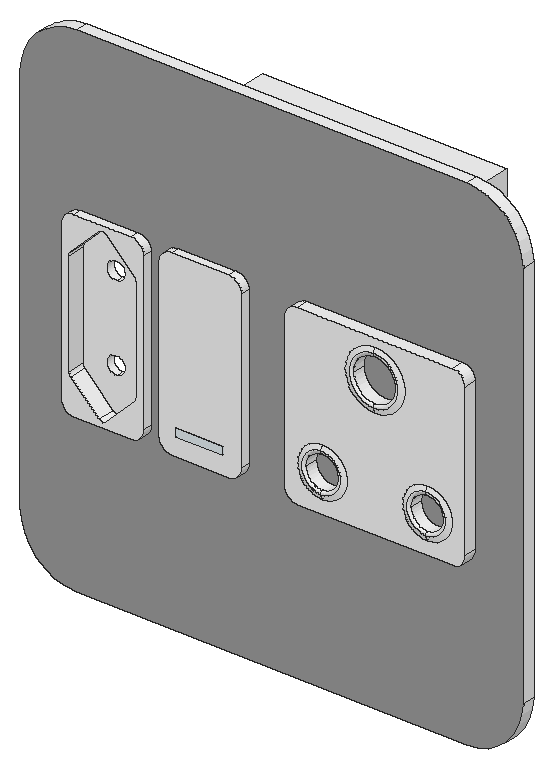
Revit family "EF_Veti-4x4-Plug-Two-Pin-No-Switch-Three-Single-Plug-Point", category Electrical Fixtures, Revit 2016
Family settings
  Maintain Annotation Orientation = No
  Part Type = Normal
  Round Connector Dimension = Use Diameter
  Work Plane-Based = No
  Always vertical = Yes
  Cut with Voids When Loaded = No
  Shared = No
  Room Calculation Point = No
Parameters (values of type "Two Pin No Switch - Three Single Plug Point")
  Voltage_x = 220 V
  URL for TCP = "http://www.tcpbim.co.za"
  URL = "http://www.major-tech.com/15-veti"
  Type Comments = "Plug Points"
  Switch Voltage = Voltage_x  # 220 V
  Plug Point Height [instance] = 1200 mm
  Materials [instance] = 0 mm
  Manufacturer = "VETI"
  Made by = "Tolani Civil Projects cc"
  Load = 2860 VA
  Description = "4x4 Plug - Two Pin No Switch - Three Single Plug Point"
  Amperage = 16 A
Reference planes
  plane 1 "Center (Front/Back)": y = 0
  plane 2: z = 0
  plane 3 "Center (Left/Right)": x = 0
Forms (mm)
  Extrusion 1, solid, material "Plastic White"
    sketch origin (-181.105, 70, 0) x (1, 0, 0) y (0, 0, 1)
      loop
        arc (103.605, 1400) -> (87.695, 1393.41) -> (81.105, 1377.5) r 22.5
        line (81.105, 1377.5) -> (81.105, 1222.5)
        arc (81.105, 1222.5) -> (87.695, 1206.59) -> (103.605, 1200) r 22.5
        line (103.605, 1200) -> (258.605, 1200)
        arc (258.605, 1200) -> (274.515, 1206.59) -> (281.105, 1222.5) r 22.5
        line (281.105, 1222.5) -> (281.105, 1377.5)
        arc (281.105, 1377.5) -> (274.515, 1393.41) -> (258.605, 1400) r 22.5
        line (258.605, 1400) -> (103.605, 1400)
      loop
        line (128.068, 1336.508) -> (105.292, 1336.508)
        arc (105.292, 1336.508) -> (101.757, 1335.043) -> (100.292, 1331.508) r 5
        line (100.292, 1331.508) -> (100.292, 1269.532)
        arc (100.292, 1269.532) -> (101.757, 1265.997) -> (105.292, 1264.532) r 5
        line (105.292, 1264.532) -> (128.068, 1264.532)
        arc (128.068, 1264.532) -> (131.604, 1265.997) -> (133.068, 1269.532) r 5
        line (133.068, 1269.532) -> (133.068, 1331.508)
        arc (133.068, 1331.508) -> (131.604, 1335.043) -> (128.068, 1336.508) r 5
    from 70 to 75
  Extrusion 2, solid, material "Plastic White"
    sketch origin (-166.105, 0, 0) x (-1, 0, 0) y (0, 0, 1)
      loop
        line (-214.439, 1370) -> (-214.439, 1360) -> (-117.772, 1360) -> (-117.772, 1370) -> (-214.439, 1370)
    from 0 to 51.204
Cuts and joins
  joined: Extrusion 1, Extrusion 2
Dimensions and locks
  Extrusion 1 sketch curve to Extrusion 1 sketch curve = 200 mm
  Extrusion 2 sketch curve to Extrusion 2 sketch curve to Extrusion 1 = 10 mm, 30 mm
  Extrusion 2 sketch curve to Extrusion 2 sketch curve = 96.667 mm
  cut or joined group of Extrusion 1, Extrusion 2 to cut or joined group of Extrusion 1, Extrusion 2 = 200 mm
  cut or joined group of Extrusion 1, Extrusion 2 to cut or joined group of Extrusion 1, Extrusion 2 to cut or joined group of Extrusion 1, Extrusion 2 to cut or joined group of Extrusion 1, Extrusion 2 = 30 mm locked, 10 mm locked, 160 mm locked
  cut or joined group of Extrusion 1, Extrusion 2 to cut or joined group of Extrusion 1, Extrusion 2 to cut or joined group of Extrusion 1, Extrusion 2 = 51.204 mm locked, 5 mm locked
  cut or joined group of Extrusion 1, Extrusion 2 to cut or joined group of Extrusion 1, Extrusion 2 = 96.667 mm
  locked: cut or joined group of Extrusion 1, Extrusion 2 to plane 1 "Center (Front/Back)"
  plane 3 "Center (Left/Right)" to Extrusion 1 sketch curve = 100 mm
  locked: plane 3 "Center (Left/Right)" to cut or joined group of Extrusion 1, Extrusion 2 at 48.333
  cut or joined group of Extrusion 1, Extrusion 2 to nested 2 to nested 3 to nested 4 to nested 3 to cut or joined group of Extrusion 1, Extrusion 2 = 63.492 mm locked, 0.876 mm locked, 64.1 mm locked, 6.031 mm locked, 65.502 mm locked
  nested 2 to nested 4 to plane 3 "Center (Left/Right)" to nested 3 = 38.893 mm locked, 41.92 mm locked, 9.155 mm locked
  "Plug Point Height": cut or joined group of Extrusion 1, Extrusion 2 to level
  aligned and locked: level to plane 2
  aligned and locked: nested 1 to plane 1 "Center (Front/Back)"
  aligned and locked: nested 4 to cut or joined group of Extrusion 1, Extrusion 2
  aligned and locked: cut or joined group of Extrusion 1, Extrusion 2 to nested 3
  aligned and locked: nested 4 to nested 2
Automatic sketch dimensions
  Extrusion 1 sketch curve to plane 3 "Center (Left/Right)" = 77.5 mm
  plane 3 "Center (Left/Right)" to Extrusion 1 sketch curve = 77.5 mm  (x2)
  level to Extrusion 1 sketch curve = 1200 mm
  Extrusion 1 sketch curve to Extrusion 1 sketch curve = 22.5 mm  (x2)
  Extrusion 2 sketch curve to Extrusion 1 = 51.667 mm  (x2)
  Extrusion 1 sketch curve to plane 3 "Center (Left/Right)" = 75.813 mm
  level to Extrusion 1 sketch curve = 1336.508 mm
  Extrusion 1 sketch curve to Extrusion 1 sketch curve = 5 mm  (x4)
  Extrusion 1 sketch curve to Extrusion 1 sketch curve = 22.776 mm
  Extrusion 1 sketch curve to Extrusion 1 sketch curve = 47.032 mm
Nested families
  nested 1: "Power Point Test 1" at (0, 0, 0) x (-1, 0, 0) z (0, 0, 1), type "Receptacle Symbol"
  nested 2: "2 Pin PLUG 90°" at (-64.425, 1.486, 164.47), type "2 Pin PLUG 90°"
  nested 3: "Plug Plate" at (45.021, -5, 220.173), type "Plug Plate"
  nested 4: "Switch 90°1" at (-25.532, -5, 164.47) x (-1, 0, 0) z (0, 0, 1), type "Switch 90°"
Connectors
  electrical at (0, 25.602, 1370), driven by "Voltage_x", driven by "Load"
    settings: on cut or joined group of Extrusion 1, Extrusion 2, index 5, voltage 220 V, apparent load 0 VA, apparent load phase1 2860 VA, apparent load phase2 0 VA, apparent load phase3 0 VA, power factor 1, load classification "Other", number of poles 1, system type 31, power factor state 1, is connector primary yes, connector utility no, sub classification motor no, connector description ""
  electrical at (0, 25.602, 1370), driven by "Voltage_x", driven by "Load"
    settings: on cut or joined group of Extrusion 1, Extrusion 2, index 6, voltage 220 V, apparent load 0 VA, apparent load phase1 2860 VA, apparent load phase2 0 VA, apparent load phase3 0 VA, power factor 1, load classification "Other", number of poles 1, system type 31, power factor state 1, is connector primary no, connector utility no, sub classification motor no, connector description ""
Definition of nested family "2 Pin PLUG 90°"
  Reference planes
    plane 1 "Center (Front/Back)": y = 0
    plane 2: z = 0
    plane 3 "Center (Left/Right)": x = 0
  Forms (mm)
    Extrusion 1, solid
      sketch origin (-1136.248, 2.672, 1137.804) x (0, 0, -1) y (1, 0, 0)
        loop
          arc (-29.234, 1152.636) -> (-32.77, 1151.171) -> (-34.234, 1147.636) r 5
          line (-34.234, 1147.636) -> (-34.234, 1124.86)
          arc (-34.234, 1124.86) -> (-32.77, 1121.324) -> (-29.234, 1119.86) r 5
          line (-29.234, 1119.86) -> (32.741, 1119.86)
          arc (32.741, 1119.86) -> (36.277, 1121.324) -> (37.741, 1124.86) r 5
          line (37.741, 1124.86) -> (37.741, 1147.636)
          arc (37.741, 1147.636) -> (36.277, 1151.171) -> (32.741, 1152.636) r 5
          line (32.741, 1152.636) -> (-29.234, 1152.636)
      from 12.672 to 2.672
    Extrusion 2, void
      sketch origin (-1136.248, -10, 1137.804) x (0, 0, 1) y (1, 0, 0)
        loop
          line (18.92, 1149.635) -> (-22.428, 1149.635)
          arc (-22.428, 1149.635) -> (-23.283, 1149.465) -> (-24.008, 1148.981) r 2.235
          line (-24.008, 1148.981) -> (-35.163, 1137.826)
          arc (-35.163, 1137.826) -> (-35.817, 1136.248) -> (-35.163, 1134.669) r 2.232
          line (-35.163, 1134.669) -> (-23.998, 1123.504)
          arc (-23.998, 1123.504) -> (-23.284, 1123.027) -> (-22.442, 1122.86) r 2.2
          line (-22.442, 1122.86) -> (18.935, 1122.86)
          arc (18.935, 1122.86) -> (19.777, 1123.027) -> (20.491, 1123.504) r 2.2
          line (20.491, 1123.504) -> (31.656, 1134.669)
          arc (31.656, 1134.669) -> (32.309, 1136.248) -> (31.656, 1137.826) r 2.232
          line (31.656, 1137.826) -> (20.501, 1148.981)
          arc (20.501, 1148.981) -> (19.776, 1149.465) -> (18.92, 1149.635) r 2.235
      from 0 to 6.946
    Extrusion 3, void
      sketch origin (-1136.248, -10, 1137.804) x (0, 0, 1) y (1, 0, 0)
        loop
          circle (15.086, 1136.248) r 3.601
        loop
          circle (-18.593, 1136.248) r 3.601
      from 6.946 to 10
  Cuts and joins
    Extrusion 2, Extrusion 3 cuts Extrusion 1
  Dimensions and locks
    aligned and locked: plane 2 to level
    aligned and locked: Extrusion 1 to plane 1 "Center (Front/Back)"
    aligned and locked: Extrusion 3 to Extrusion 2
    aligned and locked: Extrusion 3 to plane 1 "Center (Front/Back)"
Definition of nested family "Plug Plate"
  Reference planes
    plane 1 "Center (Front/Back)": y = 0
    plane 2: z = 0
    plane 3 "Center (Left/Right)": x = 0
    plane 4: x = 0
    plane 5: z = 1100.459
    plane 6: x = 20.867
    plane 7: x = -20.897
    plane 8: z = 1060.329
    plane 9: x = -35.867
    plane 10: x = 35.867
    plane 11 "Left": x = -20.897
    plane 12 "Right": x = 20.867
    plane 13: z = 1060.329
    plane 14: z = 1100.459
  Forms (mm)
    Extrusion 1, solid
      sketch origin (38.868, 0, -0.675) x (1, 0, 0) y (0, 0, 1)
        loop
          arc (-69.734, 1116.134) -> (-73.27, 1114.67) -> (-74.734, 1111.134) r 5
          line (-74.734, 1111.134) -> (-74.734, 1051.004)
          arc (-74.734, 1051.004) -> (-73.27, 1047.468) -> (-69.734, 1046.004) r 5
          line (-69.734, 1046.004) -> (-8.001, 1046.004)
          arc (-8.001, 1046.004) -> (-4.465, 1047.468) -> (-3.001, 1051.004) r 5
          line (-3.001, 1051.004) -> (-3.001, 1111.134)
          arc (-3.001, 1111.134) -> (-4.465, 1114.67) -> (-8.001, 1116.134) r 5
          line (-8.001, 1116.134) -> (-69.734, 1116.134)
        loop
          circle (-38.868, 1101.134) r 8.5
        loop
          circle (-59.764, 1061.004) r 6.5
        loop
          circle (-18.001, 1061.004) r 6.5
      from 5 to 0
    Revolve 2, solid
      sketch origin (-20.897, 0, 0) x (0, 0, -1) y (0, -1, 0)
        loop
          line (-1068.072, 5.593) -> (-1070.253, 4.968) -> (-1066.828, 4.968)
          arc (-1066.828, 4.968) -> (-1067.328, 5.524) -> (-1068.072, 5.593) r 1.027
        axis (-1060.329, 5.593) -> (-1060.329, 4.593)
      angle from 0 to 360
    Revolve 3, solid
      sketch origin (20.867, 0, 0) x (0, 0, -1) y (0, -1, 0)
        loop
          line (-1068.072, 5.593) -> (-1070.253, 4.968) -> (-1066.828, 4.968)
          arc (-1066.828, 4.968) -> (-1067.328, 5.524) -> (-1068.072, 5.593) r 1.027
        axis (-1060.329, 5.593) -> (-1060.329, 4.593)
      angle from 0 to 360
    Revolve 4, solid
      sketch origin (0, 0, 40.13) x (0, 0, -1) y (0, -1, 0)
        loop
          line (-1070.06, 5.593) -> (-1072.241, 4.968) -> (-1068.816, 4.968)
          arc (-1068.816, 4.968) -> (-1069.316, 5.524) -> (-1070.06, 5.593) r 1.027
        axis (-1060.329, 5.593) -> (-1060.329, 4.593)
      angle from 0 to 360
  Cuts and joins
    joined: Extrusion 1, Revolve 2, Revolve 3, Revolve 4
  Dimensions and locks
    aligned and locked: plane 2 to level
Definition of nested family "Switch 90°1"
  Reference planes
    plane 1 "Center (Front/Back)": y = 0
    plane 2: z = 0
    plane 3 "Center (Left/Right)": x = 0
  Forms (mm)
    Extrusion 1, solid
      sketch origin (-1136.248, 2.672, 1137.804) x (0, 0, -1) y (1, 0, 0)
        loop
          arc (-29.234, 1152.636) -> (-32.77, 1151.171) -> (-34.234, 1147.636) r 5
          line (-34.234, 1147.636) -> (-34.234, 1124.86)
          arc (-34.234, 1124.86) -> (-32.77, 1121.324) -> (-29.234, 1119.86) r 5
          line (-29.234, 1119.86) -> (32.741, 1119.86)
          arc (32.741, 1119.86) -> (36.277, 1121.324) -> (37.741, 1124.86) r 5
          line (37.741, 1124.86) -> (37.741, 1147.636)
          arc (37.741, 1147.636) -> (36.277, 1151.171) -> (32.741, 1152.636) r 5
          line (32.741, 1152.636) -> (-29.234, 1152.636)
      from 6.186 to 2.672
    Extrusion 2, solid
      sketch origin (-1136.051, 0, 1136.051) x (0, 0, -1) y (1, 0, 0)
        loop
          line (28.988, 1145.439) -> (25.488, 1145.439) -> (25.488, 1126.663) -> (28.988, 1126.663) -> (28.988, 1145.439)
      from 0 to 3.974
  Dimensions and locks
    aligned and locked: plane 2 to level
    aligned and locked: Extrusion 1 to plane 1 "Center (Front/Back)"
Definition of nested family "Power Point Test 1"
  Parameters
    Plug Point Height = 1200 mm
  Reference planes
    plane 1: y = 0
    plane 2: x = 0
  Lines and regions (mm)
    Filled region 1, type "Filled region 1"
      outline origin (0, 0, 0) x (1, 0, 0) y (0, 1, 0)
        loop
          arc (1.505, 0.736) -> (1.065, 1.797) -> (0.005, 2.236) r 1.5
          line (0.005, 2.236) -> (0.005, 0.736) -> (1.505, 0.736)
    detail lines
      curve 1: line (-0.442, -0.034, 0) -> (-0.442, 0.736, 0)
      curve 2: arc (1.505, 0.736, 0) -> (0.005, 2.236, 0) -> (-1.495, 0.736, 0) r 1.5
      curve 3: line (0.451, -0.034, 0) -> (0.451, 0.736, 0)
      curve 4: line (-1.495, 0.736, 0) -> (1.505, 0.736, 0)
      curve 5: line (0.005, 2.236, 0) -> (0.005, 0.736, 0)
      curve 6: line (-1.056, 1.797, 0) -> (-2.476, 3.217, 0)
      curve 7: line (-2.122, 2.863, 0) -> (-1.419, 3.566, 0)
      curve 8: line (-2.476, 3.217, 0) -> (-1.773, 3.919, 0)
  Text (mm)
    label "A" at (-3.048, 4.493, 0), shows "Plug Point Height"
    text "D" at (-0.841, 1.93, 0)
  Dimensions and locks
    curve 1 to curve 3 = 0.893 mm
